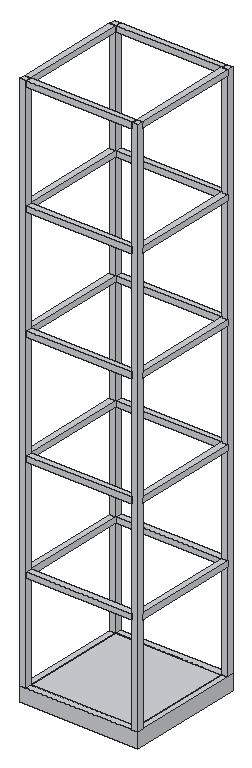
Revit family "Single Width Outline", category Furniture, Revit 2021
Family settings
  OmniClass Number = 23.40.20.00
  OmniClass Title = General Furniture and Specialties
  Work Plane-Based = No
  Always vertical = Yes
  Cut with Voids When Loaded = No
  Shared = No
  Room Calculation Point = No
Parameters (values of type "OF08402")
  Width = 400 mm  # constant formula
  WarrantyStartDate [instance] = ""
  WarrantyGuarantorParts = "servicedept@bisley.com"  # constant formula
  WarrantyGuarantorLabor = "servicedept@bisley.com"  # constant formula
  WarrantyDurationUnit = "Year"  # constant formula
  WarrantyDurationParts = ""
  WarrantyDurationLabor = ""
  WarrantyDescription = "Standard Bisley Warranty"  # constant formula
  Version = ""
  Uniclass2015Version = "V1.1"  # constant formula
  Uniclass2015Title = "78 - Shelves and Storage Units"  # constant formula
  Uniclass2015Code = "PR_40_30_78_57"  # constant formula
  URL = ""
  TagNumber [instance] = ""
  SustainabilityPerformance = "N/A"  # constant formula
  Size = ""
  Shelf Type = Shelves : Steel Shelf 400w x 400w
  Shape = "Rectangular"  # constant formula
  SerialNumber [instance] = ""
  Revision = "1"  # constant formula
  ReplacementCost = "N/A"  # constant formula
  ProductInformation = "https://www.bisley.com/products/storage-systems/outline/"
  Plinth Height = if(Depth = 400 mm, 50 mm, 40 mm)  # 50 mm
  NominalWidth = Width  # 400 mm
  NominalLength = Depth  # 400 mm
  NominalHeight = Height  # 753 mm
  Name = "Floor Standing Outline Frames"  # constant formula
  NBSTypeID = ""
  NBSReference = "45-35-80/360"
  NBSOfficeMasterTag = ""
  NBSDescription = "Office storage"
  ModelReference = ModelNumber  # "OF08402"
  ModelNumber = "OF08402"
  Model = "Outline"  # constant formula
  Material = "Steel"  # constant formula
  ManufacturerURL = "www.bisley.com"
  ManufacturerName = Author  # "Bisley"
  Manufacturer = "orders@bisley.com"  # constant formula
  Keynote = Uniclass2015Code  # "PR_40_30_78_57"
  InstallationDate [instance] = ""
  IfcExportType = ""
  IfcExportAs = ""
  Height = 753 mm
  Grade = "N/A"  # constant formula
  Frame Type = Outline Frames : 800w 2 High
  Finish = "Powder Coated Steel"  # constant formula
  Features = ""
  ExpectedLife = "10"  # constant formula
  DurationUnit = "Years"  # constant formula
  Depth = 400 mm  # constant formula
  Default Elevation = 0 mm
  Constituents = "N/A"  # constant formula
  Color = "Vision Pallete"  # constant formula
  CodePerformance = "N/A"  # constant formula
  Category = Uniclass2015Code  # "PR_40_30_78_57"
  BarCode [instance] = "N/A"
  Author = "Bisley"  # constant formula
  AssetType = "Fixed"  # constant formula
  AssetIdentifier [instance] = "N/A"  # constant formula
  AccessibilityPerformance = "N/A"  # constant formula
Types (3, lengths in mm): name | Shelf Type | ModelReference | ModelNumber | Frame Type
  (no name) | Shelves : Steel Shelf 400w x 400w | "OF08402" | "OF08402" | Outline Frames : 800w 2 High
  OF08402 | Shelves : Steel Shelf 400w x 400w | "OF08402" | "OF08402" | Outline Frames : 800w 2 High
  OF10402 | Shelves : Steel Shelf 800w units | "OF10402" | "OF10402" | Outline Frames : 1000w 2 High
Reference planes
  plane 1 "Center (Front/Back)": y = 0
  plane 2: z = 0
  plane 3 "Center (Left/Right)": x = 0
  plane 4: x = -200
  plane 5: y = -200
  plane 6: y = 200
  plane 7: x = 200
  plane 8: z = 753
  plane 9: x = 190
  plane 10: x = -190
  plane 11: x = -11
  plane 12: x = 11
  plane 13: z = 50
Dimensions and locks
  equal spacing: plane 4, plane 3 "Center (Left/Right)", plane 7
  "Width": plane 4 to plane 7
  equal spacing: plane 6, plane 1 "Center (Front/Back)", plane 5
  "Depth": plane 5 to plane 6
  "Height": plane 8 to level
  plane 4 to plane 3 "Center (Left/Right)" = 200 mm
  nested 1 to nested 1 = 358 mm
  locked: plane 11 to plane 3 "Center (Left/Right)" at 11
  locked: plane 3 "Center (Left/Right)" to plane 12 at 11
  "Plinth Height": plane 13 to level
  plane 4 to plane 7 = 400 mm
  plane 5 to plane 6 = 400 mm
  aligned and locked: level to plane 2
  aligned and locked: plane 13 to nested 1
  aligned and locked: plane 1 "Center (Front/Back)" to nested 1
  aligned and locked: plane 3 "Center (Left/Right)" to nested 1
  aligned and locked: plane 1 "Center (Front/Back)" to nested 2
  aligned and locked: plane 4 to nested 2
  aligned and locked: plane 6 to nested 2
Nested families
  nested 1: "Shelves" at (0, 0, 32), type <- "Shelf Type", type "Steel Shelf 400w x 400w"
    with WarrantyStartDate "", TagNumber "", SerialNumber "", InstallationDate "", BarCode "N/A", AssetIdentifier "N/A"
  nested 2: "Single Width Outline Frames" at (190, 0, 0), type "800w 5 High"
    with WarrantyStartDate "", TagNumber "", SerialNumber "", InstallationDate "", BarCode "N/A", AssetIdentifier "N/A"
Definition of nested family "Shelves"
  Parameters (values of type "Steel Shelf 400w x 400w")
    Width = 358 mm
    WarrantyStartDate [instance] = ""
    WarrantyGuarantorParts = "servicedept@bisley.com"  # constant formula
    WarrantyGuarantorLabor = "servicedept@bisley.com"  # constant formula
    WarrantyDurationUnit = "Year"  # constant formula
    WarrantyDurationParts = ""
    WarrantyDurationLabor = ""
    WarrantyDescription = "Standard Bisley Warranty"  # constant formula
    Version = ""
    Uniclass2015Version = "V1.1"  # constant formula
    Uniclass2015Title = "78 - Shelves and Storage Units"  # constant formula
    Uniclass2015Code = "PR_40_30_78_57"  # constant formula
    URL = "www.bisley.com"
    TagNumber [instance] = ""
    SustainabilityPerformance = "N/A"  # constant formula
    Size = ""
    Shape = "Rectangular"  # constant formula
    SerialNumber [instance] = ""
    Revision = ""
    ReplacementCost = "N/A"  # constant formula
    ProductInformation = ""
    NominalWidth = Width  # 358 mm
    NominalLength = Depth  # 358 mm
    NominalHeight = Height  # 18 mm
    Name = ""
    NBSTypeID = ""
    NBSReference = "45-35-80/360"
    NBSOfficeMasterTag = ""
    NBSDescription = "Office storage"
    ModelReference = ""
    ModelNumber = ""
    Material = "Steel"
    ManufacturerURL = "www.bisley.com"
    ManufacturerName = Author  # "Bisley"
    Manufacturer = "orders@bisley.com"  # constant formula
    Keynote = Uniclass2015Code  # "PR_40_30_78_57"
    InstallationDate [instance] = ""
    IfcExportType = ""
    IfcExportAs = ""
    Height = 18 mm
    Grade = "N/A"  # constant formula
    Finish = "Powder Coated Steel"  # constant formula
    Features = ""
    ExpectedLife = "10"  # constant formula
    DurationUnit = "Years"  # constant formula
    Depth = 358 mm
    Default Elevation = 0 mm
    Constituents = "N/A"  # constant formula
    Color = "Vision Pallete"  # constant formula
    CodePerformance = "N/A"  # constant formula
    Category = Uniclass2015Code  # "PR_40_30_78_57"
    BarCode [instance] = ""
    Author = "Bisley"  # constant formula
    AssetType = "Fixed"  # constant formula
    AssetIdentifier [instance] = "N/A"  # constant formula
    AccessibilityPerformance = "N/A"  # constant formula
  Types (9, lengths in mm): name | Width | NominalWidth | NominalLength | Material | Depth
    Steel Shelf 1000w units | 468 | 468 | 358 | "Steel" | 358
    Steel Shelf 800w units | 368 | 368 | 358 | "Steel" | 358
    MFC Shelf 800w units | 368 | 368 | 358 | "MFC" | 358
    MFC Shelf 1000w units | 468 | 468 | 358 | "MFC" | 358
    Steel Shelf 1000w units 470 deep | 468 | 468 | 428 | "Steel" | 428
    MFC Shelf 1000w units 470d | 468 | 468 | 428 | "MFC" | 428
    MFC Shelf 800w units 470d | 368 | 368 | 428 | "MFC" | 428
    Steel Shelf 800w units 470d | 368 | 368 | 428 | "Steel" | 428
    Steel Shelf 400w x 400w | 358 | 358 | 358 | "Steel" | 358
  Reference planes
    plane 1 "Center (Front/Back)": y = 0
    plane 2: z = 0
    plane 3 "Center (Left/Right)": x = 0
    plane 4: x = -179
    plane 5: y = -179
    plane 6: y = 179
    plane 7: x = 179
    plane 8: z = 18
  Forms (mm)
    Extrusion 1, solid
      sketch origin (0, 0, 0) x (1, 0, 0) y (0, 1, 0)
        loop
          line (-179, 179) -> (-179, -179) -> (179, -179) -> (179, 179) -> (-179, 179)
      from 0 to 18
  Dimensions and locks
    equal spacing: plane 4, plane 3 "Center (Left/Right)", plane 7
    "Width": plane 4 to plane 7
    equal spacing: plane 6, plane 1 "Center (Front/Back)", plane 5
    "Depth": plane 5 to plane 6
    "Height": plane 8 to level
    aligned and locked: level to plane 2
    aligned and locked: Extrusion 1 sketch curve to plane 6
    aligned and locked: plane 4 to Extrusion 1 sketch curve
    aligned and locked: Extrusion 1 sketch curve to plane 5
    aligned and locked: Extrusion 1 sketch curve to plane 7
    aligned and locked: plane 8 to Extrusion 1
    aligned and locked: Extrusion 1 to level
Definition of nested family "Single Width Outline Frames"
  Parameters (values of type "800w 5 High")
    Width = 400 mm  # constant formula
    WarrantyStartDate [instance] = ""
    WarrantyGuarantorParts = "servicedept@bisley.com"  # constant formula
    WarrantyGuarantorLabor = "servicedept@bisley.com"  # constant formula
    WarrantyDurationUnit = "Year"  # constant formula
    WarrantyDurationParts = ""
    WarrantyDurationLabor = ""
    WarrantyDescription = "Standard Bisley Warranty"  # constant formula
    Version = ""
    Uniclass2015Version = "V1.1"  # constant formula
    Uniclass2015Title = "78 - Shelves and Storage Units"  # constant formula
    Uniclass2015Code = "PR_40_30_78_57"  # constant formula
    URL = ""
    TagNumber [instance] = ""
    SustainabilityPerformance = "N/A"  # constant formula
    Size = ""
    Shelf #4 = yes
    Shelf #3 = yes
    Shelf #2 = yes
    Shape = "Rectangular"  # constant formula
    SerialNumber [instance] = ""
    Revision = ""
    ReplacementCost = "N/A"  # constant formula
    ProductInformation = ""
    Plinth Height = if(Depth = 400 mm, 50 mm, 40 mm)  # 50 mm
    NominalWidth = Width  # 400 mm
    NominalLength = Depth  # 400 mm
    NominalHeight = Height  # 1891 mm
    Name = ""
    NBSTypeID = ""
    NBSReference = "45-35-80/360"
    NBSOfficeMasterTag = ""
    NBSDescription = "Office storage"
    ModelReference = ""
    ModelNumber = ""
    Material 2 = none
    Material = "Steel"  # constant formula
    ManufacturerURL = ""
    ManufacturerName = Author  # "Bisley"
    Manufacturer = "orders@bisley.com"  # constant formula
    Keynote = Uniclass2015Code  # "PR_40_30_78_57"
    Internal 4 = if(Depth = 400 mm, 359 mm, 366 mm)  # 359 mm
    Internal 3 = if(Depth = 400 mm, 359 mm, 366 mm)  # 359 mm
    Internal 2 = if(Depth = 400 mm, 332 mm, 366 mm)  # 332 mm
    Internal 1 = if(Depth = 400 mm, 332 mm, 366 mm)  # 332 mm
    InstallationDate [instance] = ""
    IfcExportType = ""
    IfcExportAs = ""
    Height = 1891 mm
    Grade = "N/A"  # constant formula
    Finish = "Powder Coated Steel"  # constant formula
    Features = ""
    ExpectedLife = "10"  # constant formula
    DurationUnit = "Years"  # constant formula
    Depth = 400 mm
    Default Elevation = 0 mm
    Constituents = "N/A"  # constant formula
    Color = "Vision Pallete"  # constant formula
    CodePerformance = "N/A"  # constant formula
    Category = Uniclass2015Code  # "PR_40_30_78_57"
    BarCode [instance] = "N/A"
    Author = "Bisley"  # constant formula
    AssetType = "Fixed"  # constant formula
    AssetIdentifier [instance] = "N/A"  # constant formula
    AccessibilityPerformance = "N/A"  # constant formula
  Types (2, lengths in mm): name | Shelf #4 | NominalHeight | Height
    800w 4 High | no | 1512 | 1512
    800w 5 High | yes | 1891 | 1891
  Reference planes
    plane 1 "Center (Front/Back)": y = 0
    plane 2: z = 0
    plane 3 "Center (Left/Right)": x = 0
    plane 4: x = -390
    plane 5: y = -200
    plane 6: y = 200
    plane 7: x = 400
    plane 8: z = 1891
    plane 9: x = -370
    plane 10: x = -10
    plane 11: y = -180
    plane 12: y = 180
    plane 13: x = 10
    plane 14: x = 380
    plane 15: z = 50
    plane 16: z = 382
    plane 17: z = 1871
    plane 18: z = 402
    plane 19: z = 734
    plane 20: z = 754
    plane 21: z = 1113
    plane 22: z = 1133
    plane 23: z = 1492
    plane 24: z = 1512
    plane 25: z = 416
    plane 26: z = 802
    plane 27: z = 1188
    plane 28: z = 1574
    plane 29: z = 1960
  Forms (mm)
    Extrusion 1, solid
      sketch origin (0, 0, 0) x (1, 0, 0) y (0, 1, 0)
        loop
          line (-390, 200) -> (-390, -200) -> (10, -200) -> (10, 200) -> (-390, 200)
        loop
          line (-370, 180) -> (-370, -180) -> (-10, -180) -> (-10, 180) -> (-370, 180)
      from 0 to 50
    Extrusion 2, solid
      sketch origin (0, 0, 0) x (1, 0, 0) y (0, 1, 0)
        loop
          line (-390, 200) -> (-390, 180) -> (-370, 180) -> (-370, 200) -> (-390, 200)
        loop
          line (-390, -180) -> (-390, -200) -> (-370, -200) -> (-370, -180) -> (-390, -180)
        loop
          line (-10, -200) -> (10, -200) -> (10, -180) -> (-10, -180) -> (-10, -200)
        loop
          line (-10, 200) -> (-10, 180) -> (10, 180) -> (10, 200) -> (-10, 200)
      from 50 to 1891
    Extrusion 3, solid
      sketch origin (0, 0, 0) x (0, 1, 0) y (0, 0, 1)
        loop
          line (200, 1891) -> (180, 1891) -> (180, 1871) -> (200, 1871) -> (200, 1891)
        loop
          line (-180, 1891) -> (-200, 1891) -> (-200, 1871) -> (-180, 1871) -> (-180, 1891)
      from -10 to -370
    Extrusion 4, solid
      sketch origin (0, 0, 0) x (1, 0, 0) y (0, 0, 1)
        loop
          line (-390, 1891) -> (-390, 1871) -> (-370, 1871) -> (-370, 1891) -> (-390, 1891)
        loop
          line (10, 1891) -> (-10, 1891) -> (-10, 1871) -> (10, 1871) -> (10, 1891)
      from -180 to 180
    Extrusion 5, solid
      sketch origin (0, 0, 332) x (1, 0, 0) y (0, 0, 1)
        loop
          line (-390, 70) -> (-390, 50) -> (-370, 50) -> (-370, 70) -> (-390, 70)
        loop
          line (-10, 70) -> (-10, 50) -> (10, 50) -> (10, 70) -> (-10, 70)
      from -180 to 180
    Extrusion 6, solid
      sketch origin (0, 0, 0) x (0, 1, 0) y (0, 0, 1)
        loop
          line (200, 402) -> (180, 402) -> (180, 382) -> (200, 382) -> (200, 402)
        loop
          line (-180, 402) -> (-200, 402) -> (-200, 382) -> (-180, 382) -> (-180, 402)
      from -10 to -370
    Extrusion 7, solid, visible <- "Shelf #2"
      sketch origin (0, 0, 0) x (1, 0, 0) y (0, 0, 1)
        loop
          line (-390, 734) -> (-370, 734) -> (-370, 754) -> (-390, 754) -> (-390, 734)
        loop
          line (10, 734) -> (10, 754) -> (-10, 754) -> (-10, 734) -> (10, 734)
      from -180 to 180
    Extrusion 8, solid, visible <- "Shelf #2"
      sketch origin (0, 0, 0) x (0, 1, 0) y (0, 0, 1)
        loop
          line (200, 754) -> (180, 754) -> (180, 734) -> (200, 734) -> (200, 754)
        loop
          line (-180, 754) -> (-200, 754) -> (-200, 734) -> (-180, 734) -> (-180, 754)
      from -10 to -370
    Extrusion 9, solid, visible <- "Shelf #3"
      sketch origin (0, 0, 0) x (1, 0, 0) y (0, 0, 1)
        loop
          line (-390, 1133) -> (-390, 1113) -> (-370, 1113) -> (-370, 1133) -> (-390, 1133)
        loop
          line (-10, 1133) -> (-10, 1113) -> (10, 1113) -> (10, 1133) -> (-10, 1133)
      from -180 to 180
    Extrusion 10, solid, visible <- "Shelf #3"
      sketch origin (0, 0, 0) x (0, 1, 0) y (0, 0, 1)
        loop
          line (200, 1133) -> (180, 1133) -> (180, 1113) -> (200, 1113) -> (200, 1133)
        loop
          line (-180, 1133) -> (-200, 1133) -> (-200, 1113) -> (-180, 1113) -> (-180, 1133)
      from -10 to -370
    Extrusion 11, solid, visible <- "Shelf #4"
      sketch origin (0, 0, 0) x (1, 0, 0) y (0, 0, 1)
        loop
          line (-390, 1512) -> (-390, 1492) -> (-370, 1492) -> (-370, 1512) -> (-390, 1512)
        loop
          line (10, 1492) -> (10, 1512) -> (-10, 1512) -> (-10, 1492) -> (10, 1492)
      from -180 to 180
    Extrusion 12, solid, visible <- "Shelf #4"
      sketch origin (0, 0, 0) x (0, 1, 0) y (0, 0, 1)
        loop
          line (200, 1512) -> (180, 1512) -> (180, 1492) -> (200, 1492) -> (200, 1512)
        loop
          line (-180, 1512) -> (-200, 1512) -> (-200, 1492) -> (-180, 1492) -> (-180, 1512)
      from -10 to -370
  Dimensions and locks
    equal spacing: plane 6, plane 1 "Center (Front/Back)", plane 5
    "Depth": plane 5 to plane 6
    "Height": plane 8 to level
    locked: plane 6 to plane 12 at 20
    locked: plane 4 to plane 9 at 20
    locked: plane 10 to plane 13 at 20
    equal spacing: plane 10, plane 3 "Center (Left/Right)", plane 13
    locked: plane 5 to plane 11 at 20
    locked: plane 14 to plane 7 at 20
    "Plinth Height": plane 15 to level
    locked: plane 8 to plane 17 at 20
    "Internal 1": plane 16 to plane 15
    locked: plane 18 to plane 16 at 20
    "Internal 2": plane 19 to plane 18
    locked: plane 20 to plane 19 at 20
    "Internal 3": plane 21 to plane 20
    locked: plane 22 to plane 21 at 20
    "Internal 4": plane 23 to plane 22
    locked: plane 24 to plane 23 at 20
    plane 17 to plane 24 = 359 mm
    Extrusion 11 to Extrusion 11 = 360 mm
    Extrusion 12 to Extrusion 12 = 360 mm
    locked: plane 25 to plane 15 at 366
    locked: plane 26 to plane 25 at 386
    locked: plane 27 to plane 26 at 386
    locked: plane 28 to plane 27 at 386
    locked: plane 29 to plane 28 at 386
    plane 29 to level = 1960 mm
    plane 28 to level = 1574 mm
    plane 27 to level = 1188 mm
    plane 26 to level = 802 mm
    "Width": plane 4 to plane 13
    aligned and locked: level to plane 2
    aligned and locked: Extrusion 1 to plane 15
    aligned and locked: Extrusion 1 to level
    aligned and locked: Extrusion 1 to plane 4
    aligned and locked: plane 5 to Extrusion 1
    aligned and locked: plane 6 to Extrusion 1
    aligned and locked: plane 9 to Extrusion 1
    aligned and locked: plane 13 to Extrusion 1
    aligned and locked: Extrusion 1 to plane 10
    aligned and locked: plane 9 to Extrusion 2  (x3)
    aligned and locked: Extrusion 2 to plane 4  (x4)
    aligned and locked: Extrusion 2 to plane 10  (x2)
    aligned and locked: plane 13 to Extrusion 2  (x2)
    aligned and locked: plane 6 to Extrusion 2  (x2)
    aligned and locked: Extrusion 2 to plane 12  (x2)
    aligned and locked: plane 11 to Extrusion 2  (x3)
    aligned and locked: plane 5 to Extrusion 2
    aligned and locked: Extrusion 2 to Extrusion 1
    aligned and locked: plane 8 to Extrusion 2
    aligned and locked: Extrusion 3 sketch curve to Extrusion 2
    aligned and locked: Extrusion 2 to Extrusion 3 sketch curve  (x3)
    aligned and locked: Extrusion 3 to plane 10
    aligned and locked: Extrusion 3 to plane 9
    aligned and locked: Extrusion 4 sketch curve to Extrusion 2  (x2)
    aligned and locked: Extrusion 2 to Extrusion 4 sketch curve
    aligned and locked: Extrusion 4 to plane 11
    aligned and locked: plane 12 to Extrusion 4
    aligned and locked: plane 10 to Extrusion 5 sketch curve
    aligned and locked: Extrusion 5 sketch curve to Extrusion 2
    aligned and locked: plane 4 to Extrusion 5 sketch curve
    aligned and locked: Extrusion 5 sketch curve to plane 9
    aligned and locked: Extrusion 5 to plane 11
    aligned and locked: plane 12 to Extrusion 5
    aligned and locked: plane 18 to Extrusion 5  (x2)
    aligned and locked: Extrusion 5 to plane 16  (x2)
    aligned and locked: Extrusion 5 to plane 4
    aligned and locked: plane 9 to Extrusion 5
    aligned and locked: plane 13 to Extrusion 5
    aligned and locked: Extrusion 5 to plane 10
    aligned and locked: plane 18 to Extrusion 6 sketch curve
    aligned and locked: plane 6 to Extrusion 6 sketch curve
    aligned and locked: Extrusion 5 to Extrusion 6 sketch curve  (x2)
    aligned and locked: Extrusion 6 sketch curve to Extrusion 5  (x2)
    aligned and locked: Extrusion 6 sketch curve to plane 16
    aligned and locked: plane 5 to Extrusion 6 sketch curve
    aligned and locked: Extrusion 6 to plane 9
    aligned and locked: plane 10 to Extrusion 6
    aligned and locked: plane 19 to Extrusion 7 sketch curve
    aligned and locked: Extrusion 7 sketch curve to plane 13
    aligned and locked: plane 10 to Extrusion 7 sketch curve
    aligned and locked: plane 9 to Extrusion 7 sketch curve
    aligned and locked: Extrusion 7 sketch curve to plane 4
    aligned and locked: Extrusion 7 sketch curve to plane 19
    aligned and locked: plane 20 to Extrusion 7  (x2)
    aligned and locked: Extrusion 7 to plane 11
    aligned and locked: plane 12 to Extrusion 7
    aligned and locked: plane 20 to Extrusion 8 sketch curve
    aligned and locked: plane 6 to Extrusion 8 sketch curve
    aligned and locked: Extrusion 8 sketch curve to plane 19
    aligned and locked: plane 5 to Extrusion 8 sketch curve
    aligned and locked: Extrusion 8 to plane 9
    aligned and locked: plane 10 to Extrusion 8
    aligned and locked: Extrusion 9 sketch curve to plane 22  (x2)
    aligned and locked: plane 4 to Extrusion 9 sketch curve
    aligned and locked: plane 21 to Extrusion 9 sketch curve  (x2)
    aligned and locked: Extrusion 9 sketch curve to plane 9
    aligned and locked: plane 10 to Extrusion 9 sketch curve
    aligned and locked: Extrusion 9 sketch curve to plane 13
    aligned and locked: Extrusion 9 to plane 11
    aligned and locked: plane 12 to Extrusion 9
    aligned and locked: plane 22 to Extrusion 10 sketch curve
    aligned and locked: plane 6 to Extrusion 10 sketch curve
    aligned and locked: Extrusion 9 to Extrusion 10 sketch curve  (x2)
    aligned and locked: Extrusion 10 sketch curve to Extrusion 9  (x2)
    aligned and locked: Extrusion 10 sketch curve to plane 21
    aligned and locked: plane 5 to Extrusion 10 sketch curve
    aligned and locked: plane 10 to Extrusion 10
    aligned and locked: plane 9 to Extrusion 4
    aligned and locked: Extrusion 11 sketch curve to plane 24  (x2)
    aligned and locked: plane 4 to Extrusion 11 sketch curve
    aligned and locked: plane 23 to Extrusion 11 sketch curve  (x2)
    aligned and locked: Extrusion 11 sketch curve to plane 9
    aligned and locked: Extrusion 11 sketch curve to plane 13
    aligned and locked: plane 10 to Extrusion 11 sketch curve
    aligned and locked: plane 12 to Extrusion 11
    aligned and locked: Extrusion 11 to plane 11
    aligned and locked: plane 24 to Extrusion 12 sketch curve
    aligned and locked: plane 6 to Extrusion 12 sketch curve
    aligned and locked: Extrusion 11 to Extrusion 12 sketch curve  (x2)
    aligned and locked: Extrusion 12 sketch curve to Extrusion 11  (x2)
    aligned and locked: Extrusion 12 sketch curve to plane 23
    aligned and locked: plane 5 to Extrusion 12 sketch curve
    aligned and locked: Extrusion 12 to plane 9
    aligned and locked: plane 10 to Extrusion 12
    aligned and locked: Extrusion 10 to plane 9
  Automatic sketch dimensions
    Extrusion 2 sketch curve to plane 4 = 0 mm  (x2)
    Extrusion 2 sketch curve to plane 9 = 0 mm  (x2)
    Extrusion 2 sketch curve to plane 6 = 0 mm  (x2)
    plane 5 to Extrusion 2 sketch curve = 0 mm  (x2)
    Extrusion 2 sketch curve to plane 10 = 0 mm  (x2)
    Extrusion 2 sketch curve to plane 13 = 0 mm  (x2)
    Extrusion 2 sketch curve to plane 11 = 0 mm
    plane 11 to Extrusion 2 sketch curve = 0 mm
    Extrusion 2 sketch curve to plane 12 = 0 mm  (x2)
    Extrusion 4 sketch curve to plane 9 = 0 mm
    Extrusion 4 sketch curve to plane 10 = 0 mm
    Extrusion 4 sketch curve to plane 17 = 0 mm  (x2)
    Extrusion 5 sketch curve to plane 16 = 0 mm  (x2)
    Extrusion 5 sketch curve to plane 18 = 0 mm  (x2)
    plane 19 to Extrusion 7 sketch curve = 20 mm
    Extrusion 7 sketch curve to Extrusion 7 sketch curve = 20 mm
    Extrusion 12 sketch curve to plane 24 = 0 mm
    Extrusion 3 sketch curve to plane 5 = 0 mm
    Extrusion 3 sketch curve to plane 12 = 0 mm
    Extrusion 3 sketch curve to plane 17 = 0 mm  (x2)
    Extrusion 4 sketch curve to plane 8 = 0 mm
    Extrusion 1 sketch curve to plane 4 = 0 mm
    Extrusion 1 sketch curve to plane 9 = 0 mm
    Extrusion 1 sketch curve to plane 10 = 0 mm
    Extrusion 1 sketch curve to plane 6 = 0 mm
    Extrusion 1 sketch curve to plane 13 = 0 mm
    plane 5 to Extrusion 1 sketch curve = 0 mm
    Extrusion 1 sketch curve to plane 11 = 0 mm
    Extrusion 1 sketch curve to plane 12 = 0 mm
    Extrusion 8 sketch curve to plane 11 = 0 mm
    Extrusion 8 sketch curve to plane 12 = 0 mm
    Extrusion 8 sketch curve to plane 19 = 0 mm
    Extrusion 8 sketch curve to plane 20 = 0 mm
